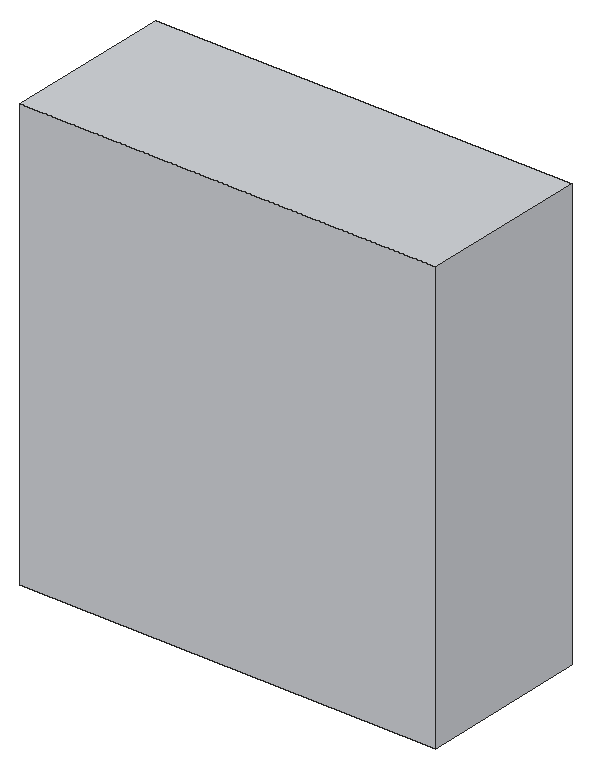
Revit family "OD_CW_Upper Cabinet", category Casework, Revit 2015
Parameters
  OD_CW_Width [instance] = 2' - 9"
  OD_CW_Off Floor [instance] = 3' - 2"
  OD_CW_Length [instance] = 6' - 9"
  OD_CW_Height [instance] = 7' - 0"
  Depth = 2' - 0"
  Height = 3' - 0"
  Width = 4' - 0"
Reference planes (in)
  plane 1 "Center (Left/Right)": x = 0.7377
  plane 2 "Left": x = -23.2623
  plane 3 "Right": x = 24.7377
  plane 4 "Front": y = -24
  plane 5 "Top": z = 122
  plane 6: x = 81.7377
  plane 7: y = 9
  plane 8: z = 38
Forms (in)
  Extrusion 1, solid
    sketch origin (24.7377, 0, 0) x (0, -1, 0) y (0, 0, 1)
      loop
        line (24, 122) -> (-9, 122) -> (-9, 38) -> (24, 38) -> (24, 122)
    from -57 to 24
Lines and regions (in)
  symbolic lines, style "InvisibleLines"
    curve 1: line (0.7377, 9, 0) -> (0.7377, -28, 0)
Dimensions and locks (in)
  equal spacing: plane 2 "Left", plane 1 "Center (Left/Right)", plane 3 "Right"
  "OD_CW_Width": plane 4 "Front" to plane 7
  "OD_CW_Length": plane 1 "Center (Left/Right)" to plane 6
  "OD_CW_Height": plane 5 "Top" to plane 8
  "OD_CW_Off Floor": plane 8 to level
  locked: curve 1 to Extrusion 1 at 4
  aligned and locked: plane 5 "Top" to Extrusion 1 sketch curve
  aligned and locked: Extrusion 1 sketch curve to plane 4 "Front"
  aligned and locked: Extrusion 1 sketch curve to plane 7
  aligned and locked: Extrusion 1 to plane 1 "Center (Left/Right)"
  aligned and locked: plane 6 to Extrusion 1
  aligned and locked: plane 8 to Extrusion 1 sketch curve
Automatic sketch dimensions
  curve 1 to plane 1 "Center (Left/Right)" = 0' - 0"
  curve 1 to plane 7 = 0' - 0"
